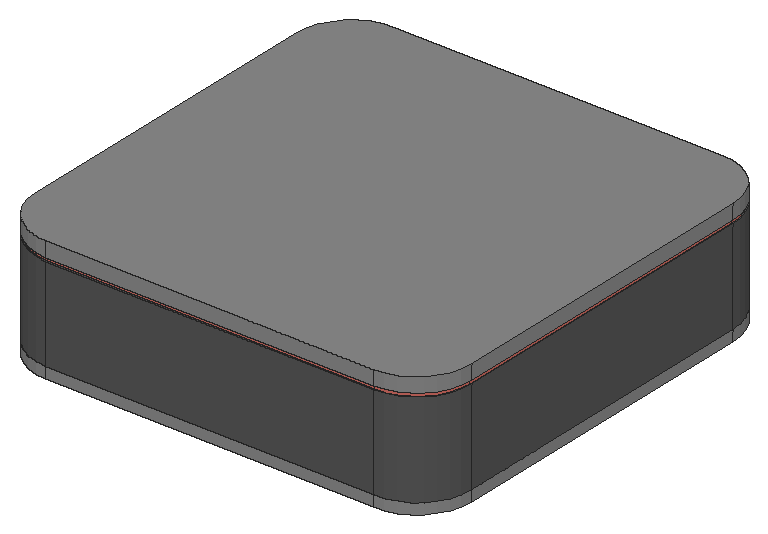
Revit family "Software_Event-Audience-Engagement_Biamp_Crowd-Mics", category Communication Devices, host Face, Revit 2020
Family settings
  Host = Face
  Maintain Annotation Orientation = No
  Round Connector Dimension = Use Diameter
  Part Type = Normal
  OmniClass Number = 23.85.10.11.14
  OmniClass Title = Audio Equipment
  Cut with Voids When Loaded = No
  Shared = No
  Room Calculation Point = No
Parameters (values of type "Crowd Mics™")
  Width = 4.72441"  # constant formula
  Weight = 1.00 lbf  # constant formula
  Voltage = 12 V
  Version = 1
  URL = "https://www.biamp.com/"
  Temperature Range = "32 - 95° F (0 - 35° C)"  # constant formula
  THD+N (20Hz-20kHz) = "< 0.006%"  # constant formula
  Supported Resolutions = "Up to 4K UHD"  # constant formula
  Sampling Rate = "48 kHz"  # constant formula
  Product data url = "https://bimobject.com/biamp/product/crowd-mics_event-audience-engagement"
  Product Page URL = "https://www.biamp.com/products/product-families/crowd-mics"
  Product Documentation Link = "https://downloads.biamp.com/assets/docs/default-source/data-sheets/biamp_data_sheet_crowd_mics.pdf"
  Power Factor = 1
  Physical Interface Analog Audio = "Euroblock"  # constant formula
  Physical Interface = "HDMI 2.0"  # constant formula
  Output Impedance (balanced) = "200Ω"  # constant formula
  Number of Poles = 1
  Number of Outputs = "2"  # constant formula
  Network Connection = "Gigabit Ethernet, RJ-45 (Cat 5 and above)"  # constant formula
  Model = "Crowd Mics™"  # constant formula
  Maximum Output = "+12dBu"  # constant formula
  Max Power Consumption = 132 W
  Manufacturer = "Biamp"  # constant formula
  Humidity = "0-95% relative humidity (non-condensing)"  # constant formula
  Housing Material = Biamp - Plastic - Black
  Height = 1.37795"  # constant formula
  Frequency Response (20Hz-20kHz, +4dBu) = "+0/-0.25dB"  # constant formula
  Dynamic Range (20Hz-20kHz, 0dB) = "> 96dB"  # constant formula
  Description = "Crowd Mics™ Audience Engagement Solution"  # constant formula
  Depth = 4.72441"  # constant formula
  Default Elevation = 48"
  Date Updated = ""
  Date Created = "2023/08/21"
  D/A Converters = "24-bit"  # constant formula
  Current = 3 A
  Connector Description = "12V DC, 3.0A"  # constant formula
  Apparent Load = Max Power Consumption / Power Factor  # 132 VA
  Altitude = "0-10,000 ft (0-3000m) MSL"  # constant formula
Reference planes (in)
  plane 1 "Center (Front/Back)": y = 0
  plane 2: z = 0
  plane 3 "Center (Left/Right)": x = 0
Forms (in)
  Extrusion 1, solid, material "Biamp - Plastic - Black" <- "Housing Material", detail levels coarse
    sketch origin (0, 0, 0) x (1, 0, 0) y (0, 1, 0)
      loop
        line (-2.3622, 2.3622) -> (-2.3622, -2.3622) -> (2.3622, -2.3622) -> (2.3622, 2.3622) -> (-2.3622, 2.3622)
    from 0 to 1.37795
  Extrusion 2, solid, material "Biamp - Plastic - Black" <- "Housing Material", detail levels medium+fine
    sketch origin (0, 0, 0) x (1, 0, 0) y (0, 1, 0)
      loop
        arc (-1.77165, 2.3622) -> (-2.18924, 2.18924) -> (-2.3622, 1.77165) r 0.59055
        line (-2.3622, 1.77165) -> (-2.3622, -1.77165)
        arc (-2.3622, -1.77165) -> (-2.18924, -2.18924) -> (-1.77165, -2.3622) r 0.59055
        line (-1.77165, -2.3622) -> (1.77165, -2.3622)
        arc (1.77165, -2.3622) -> (2.18924, -2.18924) -> (2.3622, -1.77165) r 0.59055
        line (2.3622, -1.77165) -> (2.3622, 1.77165)
        arc (2.3622, 1.77165) -> (2.18924, 2.18924) -> (1.77165, 2.3622) r 0.59055
        line (1.77165, 2.3622) -> (-1.77165, 2.3622)
    from 0.15748 to 1.1811
  Extrusion 3, solid, material "Biamp - Metal - Black", detail levels medium+fine
    sketch origin (0, 0, 0) x (1, 0, 0) y (0, 1, 0)
      loop
        line (-1.9685, 1.9685) -> (-1.9685, -1.9685) -> (1.9685, -1.9685) -> (1.9685, 1.9685) -> (-1.9685, 1.9685)
    from 0 to 0.03937
  Extrusion 4, solid, material "Biamp - Plastic - Dark Gray", detail levels medium+fine
    sketch origin (0, 0, 0) x (1, 0, 0) y (0, 1, 0)
      loop
        arc (-1.77165, 2.3622) -> (-2.18924, 2.18924) -> (-2.3622, 1.77165) r 0.59055
        line (-2.3622, 1.77165) -> (-2.3622, -1.77165)
        arc (-2.3622, -1.77165) -> (-2.18924, -2.18924) -> (-1.77165, -2.3622) r 0.59055
        line (-1.77165, -2.3622) -> (1.77165, -2.3622)
        arc (1.77165, -2.3622) -> (2.18924, -2.18924) -> (2.3622, -1.77165) r 0.59055
        line (2.3622, -1.77165) -> (2.3622, 1.77165)
        arc (2.3622, 1.77165) -> (2.18924, 2.18924) -> (1.77165, 2.3622) r 0.59055
        line (1.77165, 2.3622) -> (-1.77165, 2.3622)
    from 0.03937 to 0.15748
  Extrusion 5, solid, material "Biamp - Plastic - Dark Gray", detail levels medium+fine
    sketch origin (0, 0, 0) x (1, 0, 0) y (0, 1, 0)
      loop
        arc (-1.77165, 2.3622) -> (-2.18924, 2.18924) -> (-2.3622, 1.77165) r 0.59055
        line (-2.3622, 1.77165) -> (-2.3622, -1.77165)
        arc (-2.3622, -1.77165) -> (-2.18924, -2.18924) -> (-1.77165, -2.3622) r 0.59055
        line (-1.77165, -2.3622) -> (1.77165, -2.3622)
        arc (1.77165, -2.3622) -> (2.18924, -2.18924) -> (2.3622, -1.77165) r 0.59055
        line (2.3622, -1.77165) -> (2.3622, 1.77165)
        arc (2.3622, 1.77165) -> (2.18924, 2.18924) -> (1.77165, 2.3622) r 0.59055
        line (1.77165, 2.3622) -> (-1.77165, 2.3622)
    from 1.22047 to 1.37795
  Extrusion 6, solid, material "Biamp - Plastic - Red", detail levels medium+fine
    sketch origin (0, 0, 0) x (1, 0, 0) y (0, 1, 0)
      loop
        arc (-1.77165, 2.34346) -> (-2.17598, 2.17598) -> (-2.34346, 1.77165) r 0.57181
        line (-2.34346, 1.77165) -> (-2.34346, -1.77165)
        arc (-2.34346, -1.77165) -> (-2.17598, -2.17598) -> (-1.77165, -2.34346) r 0.57181
        line (-1.77165, -2.34346) -> (1.77165, -2.34346)
        arc (1.77165, -2.34346) -> (2.17598, -2.17598) -> (2.34346, -1.77165) r 0.57181
        line (2.34346, -1.77165) -> (2.34346, 1.77165)
        arc (2.34346, 1.77165) -> (2.17598, 2.17598) -> (1.77165, 2.34346) r 0.57181
        line (1.77165, 2.34346) -> (-1.77165, 2.34346)
    from 1.1811 to 1.22047
  Extrusion 7, void
    sketch origin (-2.3622, 2.3622, 0) x (1, 0, 0) y (0, 0, -1)
      loop
        line (4.01003, -1.06176) -> (4.01003, -0.75162) -> (3.5683, -0.75162) -> (3.5683, -1.06176) -> (4.01003, -1.06176)
      loop
        line (3.34566, -1.06176) -> (3.34566, -0.75162) -> (2.90393, -0.75162) -> (2.90393, -1.06176) -> (3.34566, -1.06176)
      loop
        line (4.01003, -0.60544) -> (4.01003, -0.39373) -> (3.5683, -0.39373) -> (3.5683, -0.60544) -> (4.01003, -0.60544)
      loop
        line (3.34566, -0.60544) -> (3.34566, -0.39373) -> (2.90393, -0.39373) -> (2.90393, -0.60544) -> (3.34566, -0.60544)
      loop
        line (2.60457, -0.98498) -> (2.60457, -0.90454)
        arc (2.60457, -0.90454) -> (2.60038, -0.8889) -> (2.58893, -0.87746) r 0.03127
        line (2.58893, -0.87746) -> (2.50421, -0.82854)
        arc (2.50421, -0.82854) -> (2.48223, -0.81944) -> (2.45864, -0.81633) r 0.09113
        line (2.45864, -0.81633) -> (2.19187, -0.81633)
        arc (2.19187, -0.81633) -> (2.16829, -0.81944) -> (2.14631, -0.82854) r 0.09113
        line (2.14631, -0.82854) -> (2.06159, -0.87746)
        arc (2.06159, -0.87746) -> (2.05014, -0.8889) -> (2.04595, -0.90454) r 0.03127
        line (2.04595, -0.90454) -> (2.04595, -0.98498) -> (2.60457, -0.98498)
      loop
        line (2.60457, -0.64955) -> (2.60457, -0.56911)
        arc (2.60457, -0.56911) -> (2.60038, -0.55347) -> (2.58893, -0.54203) r 0.03127
        line (2.58893, -0.54203) -> (2.50421, -0.49311)
        arc (2.50421, -0.49311) -> (2.48223, -0.48401) -> (2.45864, -0.4809) r 0.09113
        line (2.45864, -0.4809) -> (2.19187, -0.4809)
        arc (2.19187, -0.4809) -> (2.16829, -0.48401) -> (2.14631, -0.49311) r 0.09113
        line (2.14631, -0.49311) -> (2.06159, -0.54203)
        arc (2.06159, -0.54203) -> (2.05014, -0.55347) -> (2.04595, -0.56911) r 0.03127
        line (2.04595, -0.56911) -> (2.04595, -0.64955) -> (2.60457, -0.64955)
      loop
        line (1.84372, -1.06176) -> (1.84372, -0.81633) -> (1.32187, -0.81633) -> (1.32187, -1.06176) -> (1.84372, -1.06176)
      loop
        circle (1.59855, -0.39373) r 0.08717
      loop
        circle (0.89107, -0.51679) r 0.13276
    from -0.19428 to 0
  Extrusion 8, void
    sketch origin (-2.3622, 2.3622, 0) x (1, 0, 0) y (0, 0, -1)
      loop
        circle (0.89107, -1.0119) r 0.05991
    from -0.05175 to 0
  Extrusion 9, solid
    sketch origin (-2.3622, 2.3622, 0) x (1, 0, 0) y (0, 0, -1)
      loop
        circle (0.89107, -1.0119) r 0.05598
    from -0.05175 to 0.01708
Cuts and joins
  Extrusion 7, Extrusion 8 cuts Extrusion 2
  Extrusion 7, Extrusion 8 cuts Extrusion 1
Lines and regions (in)
  Masking region 1, detail levels medium+fine
    outline origin (0, 0, 0) x (1, 0, 0) y (0, 1, 0)
      loop
        arc (-1.77165, 2.3622) -> (-2.18924, 2.18924) -> (-2.3622, 1.77165) r 0.59055
        line (-2.3622, 1.77165) -> (-2.3622, -1.77165)
        arc (-2.3622, -1.77165) -> (-2.18924, -2.18924) -> (-1.77165, -2.3622) r 0.59055
        line (-1.77165, -2.3622) -> (1.77165, -2.3622)
        arc (1.77165, -2.3622) -> (2.18924, -2.18924) -> (2.3622, -1.77165) r 0.59055
        line (2.3622, -1.77165) -> (2.3622, 1.77165)
        arc (2.3622, 1.77165) -> (2.18924, 2.18924) -> (1.77165, 2.3622) r 0.59055
        line (1.77165, 2.3622) -> (-1.77165, 2.3622)
  Masking region 2, detail levels coarse
    outline origin (0, 0, 0) x (1, 0, 0) y (0, 1, 0)
      loop
        line (2.3622, 2.3622) -> (-2.3622, 2.3622) -> (-2.3622, -2.3622) -> (2.3622, -2.3622) -> (2.3622, 2.3622)
  Masking region 3, detail levels coarse
    outline origin (0, 0, 0) x (1, 0, 0) y (0, 0, 1)
      loop
        line (-2.3622, 1.37795) -> (-2.3622, 0) -> (2.3622, 0) -> (2.3622, 1.37795) -> (-2.3622, 1.37795)
  Masking region 4, detail levels medium+fine
    outline origin (0, 0, 0) x (1, 0, 0) y (0, 0, 1)
      loop
        line (-2.3622, 1.37795) -> (-2.3622, 1.22047) -> (2.3622, 1.22047) -> (2.3622, 1.37795) -> (-2.3622, 1.37795)
      loop
        line (-2.3622, 1.1811) -> (-2.3622, 0.15748) -> (2.3622, 0.15748) -> (2.3622, 1.1811) -> (-2.3622, 1.1811)
      loop
        line (-1.9685, 0.03937) -> (-1.9685, 0) -> (1.9685, 0) -> (1.9685, 0.03937) -> (-1.9685, 0.03937)
  Masking region 5, detail levels medium+fine
    outline origin (0, 0, 0) x (1, 0, 0) y (0, 0, 1)
      loop
        line (-2.34346, 1.22047) -> (-2.34346, 1.1811) -> (2.34346, 1.1811) -> (2.34346, 1.22047) -> (-2.34346, 1.22047)
      loop
        line (-2.3622, 0.15748) -> (-2.3622, 0.03937) -> (2.3622, 0.03937) -> (2.3622, 0.15748) -> (-2.3622, 0.15748)
Dimensions and locks (in)
  aligned and locked: plane 2 to host face
  aligned and locked: level to host face
Connectors (in)
  electrical at (-1.47113, 2.16793, 0.51679), driven by "Number of Poles", driven by "Voltage", driven by "Apparent Load", driven by "Power Factor", driven by "Connector Description"
    settings: on cut or joined group of Extrusion 2, Extrusion 7, Extrusion 8, index 1, voltage 12 V, apparent load 132 VA, apparent load phase1 0 VA, apparent load phase2 0 VA, apparent load phase3 0 VA, power factor 1, load classification "Other", number of poles 1, system type 30, power factor state 1, is connector primary yes, connector utility no, sub classification motor no, connector description "12V DC, 3.0A"
  electrical at (1.42696, 2.16793, 0.90669)
    settings: on cut or joined group of Extrusion 2, Extrusion 7, Extrusion 8, index 2, voltage 0 V, apparent load 0 VA, apparent load phase1 0 VA, apparent load phase2 0 VA, apparent load phase3 0 VA, power factor 1, load classification "Other", number of poles 1, system type 5, power factor state 1, is connector primary no, connector utility no, sub classification motor no, connector description "RJ-45 Input"
  electrical at (0.76259, 2.16793, 0.90669)
    settings: on cut or joined group of Extrusion 2, Extrusion 7, Extrusion 8, index 3, voltage 0 V, apparent load 0 VA, apparent load phase1 0 VA, apparent load phase2 0 VA, apparent load phase3 0 VA, power factor 1, load classification "Other", number of poles 1, system type 5, power factor state 1, is connector primary no, connector utility no, sub classification motor no, connector description "RJ-45 Input"
  electrical at (1.42696, 2.16793, 0.49959)
    settings: on cut or joined group of Extrusion 2, Extrusion 7, Extrusion 8, index 4, voltage 0 V, apparent load 0 VA, apparent load phase1 0 VA, apparent load phase2 0 VA, apparent load phase3 0 VA, power factor 1, load classification "Other", number of poles 1, system type 5, power factor state 1, is connector primary no, connector utility no, sub classification motor no, connector description "USB connector"
  electrical at (0.76259, 2.16793, 0.49959)
    settings: on cut or joined group of Extrusion 2, Extrusion 7, Extrusion 8, index 5, voltage 0 V, apparent load 0 VA, apparent load phase1 0 VA, apparent load phase2 0 VA, apparent load phase3 0 VA, power factor 1, load classification "Other", number of poles 1, system type 5, power factor state 1, is connector primary no, connector utility no, sub classification motor no, connector description "USB connector"
  electrical at (-0.03695, 2.16793, 0.54694)
    settings: on cut or joined group of Extrusion 2, Extrusion 7, Extrusion 8, index 6, voltage 0 V, apparent load 0 VA, apparent load phase1 0 VA, apparent load phase2 0 VA, apparent load phase3 0 VA, power factor 1, load classification "Other", number of poles 1, system type 5, power factor state 1, is connector primary no, connector utility no, sub classification motor no, connector description "HDMI Output"
  electrical at (-0.03695, 2.16793, 0.88237)
    settings: on cut or joined group of Extrusion 2, Extrusion 7, Extrusion 8, index 7, voltage 0 V, apparent load 0 VA, apparent load phase1 0 VA, apparent load phase2 0 VA, apparent load phase3 0 VA, power factor 1, load classification "Other", number of poles 1, system type 5, power factor state 1, is connector primary no, connector utility no, sub classification motor no, connector description "HDMI Output"
  electrical at (-0.77941, 2.16793, 0.93904)
    settings: on cut or joined group of Extrusion 2, Extrusion 7, Extrusion 8, index 8, voltage 0 V, apparent load 0 VA, apparent load phase1 0 VA, apparent load phase2 0 VA, apparent load phase3 0 VA, power factor 1, load classification "Other", number of poles 1, system type 5, power factor state 1, is connector primary no, connector utility no, sub classification motor no, connector description "Audio Output"
  electrical at (-0.76365, 2.16793, 0.39373)
    settings: on cut or joined group of Extrusion 2, Extrusion 7, Extrusion 8, index 9, voltage 0 V, apparent load 0 VA, apparent load phase1 0 VA, apparent load phase2 0 VA, apparent load phase3 0 VA, power factor 1, load classification "Other", number of poles 1, system type 5, power factor state 1, is connector primary no, connector utility no, sub classification motor no, connector description "Mini-jack"
